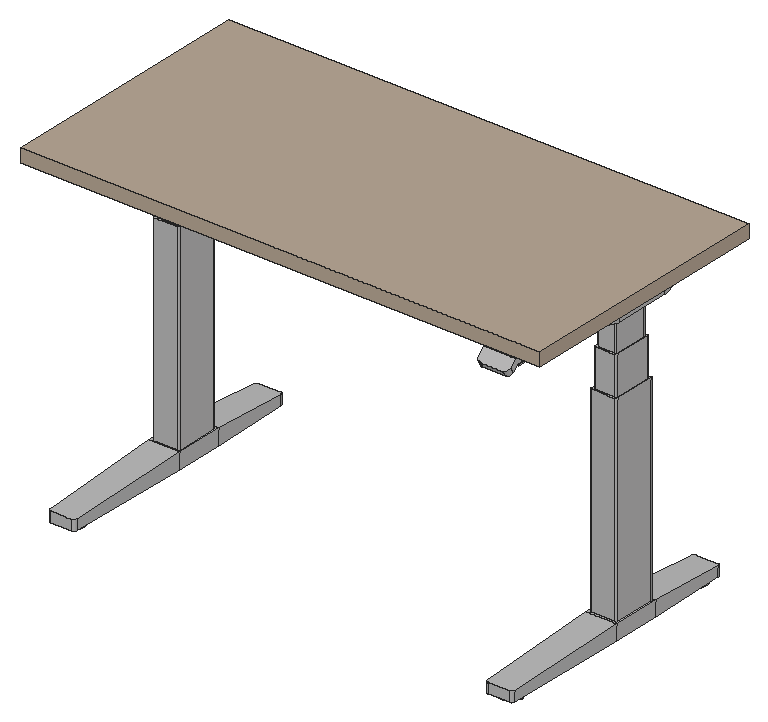
Revit family "Table-Teknion-JNHTRF-Navigate_Height_Adjustable_Rectangular-2018", category Furniture, Revit 2018 (continued)
Lines and regions (in)
  symbolic lines, style "FurnitureHiddenLines", detail levels fine
    curve 106: arc (-20.33924, 18.67173, 0) -> (-19.35524, 19.65573, 0) -> (-18.37124, 18.67173, 0) r 0.984
    curve 107: arc (18.37124, 18.67173, 0) -> (19.35524, 19.65573, 0) -> (20.33924, 18.67173, 0) r 0.984
    curve 108: arc (20.33924, 18.67173, 0) -> (19.35524, 17.68773, 0) -> (18.37124, 18.67173, 0) r 0.984
    curve 109: arc (-20.33924, -1.64984, 0) -> (-19.35524, -0.66584, 0) -> (-18.37124, -1.64984, 0) r 0.984
    curve 110: arc (-18.37124, -1.64984, 0) -> (-19.35524, -2.63384, 0) -> (-20.33924, -1.64984, 0) r 0.984
    curve 111: arc (18.37124, -1.64984, 0) -> (19.35524, -0.66584, 0) -> (20.33924, -1.64984, 0) r 0.984
    curve 112: arc (20.33924, -1.64984, 0) -> (19.35524, -2.63384, 0) -> (18.37124, -1.64984, 0) r 0.984
  reference lines, not visible
    curve 93: line (-23, 20.011, 0) -> (-23, -2.989, 0)
    curve 94: line (-23, 20.011, 0) -> (23, 20.011, 0)
    curve 95: line (23, 20.011, 0) -> (23, -2.989, 0)
    curve 96: line (-23, -2.989, 0) -> (23, -2.989, 0)
  symbolic lines, style "FurnitureHiddenLines", visible <- "Left e-Chain Vertical Cable Manager Visibility", detail levels medium+fine
    curve 113: line (-20.57874, 12.53893, 0) -> (-20.57874, 11.20429, 0)
    curve 114: line (-20.10039, 12.53893, 0) -> (-20.57874, 12.53893, 0)
    curve 115: line (-20.10039, 12.49051, 0) -> (-20.10039, 20.02319, 0)
    curve 116: line (-18.60039, 20.02319, 0) -> (-20.10039, 20.02319, 0)
    curve 117: line (-18.60039, 12.49051, 0) -> (-18.60039, 20.02319, 0)
    curve 118: line (-20.10039, 13.32752, 0) -> (-18.60039, 13.32752, 0)
    curve 119: line (-18.12205, 12.53893, 0) -> (-18.60039, 12.53893, 0)
    curve 120: line (-18.12205, 11.20429, 0) -> (-18.12205, 12.53893, 0)
  symbolic lines, style "FurnitureHiddenLines", visible <- "Right e-Chain Vertical Cable Manager Visibility", detail levels medium+fine
    curve 121: line (18.12205, 12.53893, 0) -> (18.12205, 11.20429, 0)
    curve 122: line (18.60039, 12.53893, 0) -> (18.12205, 12.53893, 0)
    curve 123: line (20.57874, 12.53893, 0) -> (20.10039, 12.53893, 0)
    curve 124: line (20.57874, 11.20429, 0) -> (20.57874, 12.53893, 0)
    curve 125: line (20.10039, 20.02319, 0) -> (20.10039, 12.49051, 0)
    curve 126: line (18.60039, 20.02319, 0) -> (18.60039, 12.49051, 0)
    curve 127: line (18.60039, 13.32752, 0) -> (20.10039, 13.32752, 0)
    curve 128: line (20.10039, 20.02319, 0) -> (18.60039, 20.02319, 0)
  symbolic lines, style "FurnitureHiddenLines", visible <- "Right e-Chain Vertical Cable Manager Visibility", detail levels fine
    curve 129: line (20.5315, 11.20429, 0) -> (20.57874, 11.20429, 0)
    curve 130: line (18.12205, 11.20429, 0) -> (18.16929, 11.20429, 0)
    curve 131: line (18.64764, 12.49051, 0) -> (18.64764, 13.28027, 0)
    curve 132: line (18.64764, 13.28027, 0) -> (20.05315, 13.28027, 0)
    curve 133: line (20.05315, 13.28027, 0) -> (20.05315, 12.49169, 0)
    curve 134: line (20.10039, 19.75153, 0) -> (18.60039, 19.75153, 0)
    curve 135: line (18.60039, 13.47866, 0) -> (20.10039, 13.47866, 0)
  symbolic lines, style "FurnitureHiddenLines", visible <- "Left e-Chain Vertical Cable Manager Visibility", detail levels fine
    curve 136: line (-20.57874, 11.20429, 0) -> (-20.5315, 11.20429, 0)
    curve 137: line (-18.16929, 11.20429, 0) -> (-18.12205, 11.20429, 0)
    curve 138: line (-20.05315, 12.49169, 0) -> (-20.05315, 13.28027, 0)
    curve 139: line (-20.05315, 13.28027, 0) -> (-18.64764, 13.28027, 0)
    curve 140: line (-18.64764, 13.28027, 0) -> (-18.64764, 12.49051, 0)
    curve 141: line (-20.10039, 13.47866, 0) -> (-18.60039, 13.47866, 0)
    curve 142: line (-18.60039, 19.75153, 0) -> (-20.10039, 19.75153, 0)
  symbolic lines, visible <- "Actual Left Square"
    curve 159: line (-7.05276, 16.17242, 0) -> (-7.05276, 17.34565, 0)
    curve 160: arc (-7.05276, 17.34565, 0) -> (-7.15838, 17.60065, 0) -> (-7.41339, 17.70628, 0) r 0.36063
    curve 161: line (-7.41339, 17.70628, 0) -> (-8.58661, 17.70628, 0)
    curve 162: arc (-8.58661, 17.70628, 0) -> (-8.84162, 17.60065, 0) -> (-8.94724, 17.34565, 0) r 0.36063
    curve 163: line (-8.94724, 17.34565, 0) -> (-8.94724, 16.17242, 0)
    curve 164: arc (-8.94724, 16.17242, 0) -> (-8.84162, 15.91741, 0) -> (-8.58661, 15.81179, 0) r 0.36063
    curve 165: line (-8.58661, 15.81179, 0) -> (-7.41339, 15.81179, 0)
    curve 166: arc (-7.41339, 15.81179, 0) -> (-7.15838, 15.91741, 0) -> (-7.05276, 16.17242, 0) r 0.36063
    curve 167: line (-7.12376, 17.34565, 0) -> (-7.12376, 16.17242, 0)
    curve 168: arc (-7.12376, 16.17242, 0) -> (-7.20859, 15.96762, 0) -> (-7.41339, 15.88279, 0) r 0.28963
    curve 169: line (-7.41339, 15.88279, 0) -> (-8.58661, 15.88279, 0)
    curve 170: arc (-8.58661, 15.88279, 0) -> (-8.79141, 15.96762, 0) -> (-8.87624, 16.17242, 0) r 0.28963
    curve 171: line (-8.87624, 16.17242, 0) -> (-8.87624, 17.34565, 0)
    curve 172: arc (-8.87624, 17.34565, 0) -> (-8.79141, 17.55044, 0) -> (-8.58661, 17.63528, 0) r 0.28963
    curve 173: line (-8.58661, 17.63528, 0) -> (-7.41339, 17.63528, 0)
    curve 174: arc (-7.41339, 17.63528, 0) -> (-7.20859, 17.55044, 0) -> (-7.12376, 17.34565, 0) r 0.28963
  symbolic lines, visible <- "Actual Center Square"
    curve 175: line (-0.94724, 17.34565, 0) -> (-0.94724, 16.17242, 0)
    curve 176: arc (-0.94724, 16.17242, 0) -> (-0.84162, 15.91741, 0) -> (-0.58661, 15.81179, 0) r 0.36063
    curve 177: line (-0.58661, 15.81179, 0) -> (0.58661, 15.81179, 0)
    curve 178: arc (0.58661, 15.81179, 0) -> (0.84162, 15.91741, 0) -> (0.94724, 16.17242, 0) r 0.36063
    curve 179: line (0.94724, 16.17242, 0) -> (0.94724, 17.34565, 0)
    curve 180: arc (0.94724, 17.34565, 0) -> (0.84162, 17.60065, 0) -> (0.58661, 17.70628, 0) r 0.36063
    curve 181: line (0.58661, 17.70628, 0) -> (-0.58661, 17.70628, 0)
    curve 182: arc (-0.58661, 17.70628, 0) -> (-0.84162, 17.60065, 0) -> (-0.94724, 17.34565, 0) r 0.36063
    curve 183: line (-0.87624, 16.17242, 0) -> (-0.87624, 17.34565, 0)
    curve 184: arc (-0.87624, 17.34565, 0) -> (-0.79141, 17.55044, 0) -> (-0.58661, 17.63528, 0) r 0.28963
    curve 185: line (-0.58661, 17.63528, 0) -> (0.58661, 17.63528, 0)
    curve 186: arc (0.58661, 17.63528, 0) -> (0.79141, 17.55044, 0) -> (0.87624, 17.34565, 0) r 0.28963
    curve 187: line (0.87624, 17.34565, 0) -> (0.87624, 16.17242, 0)
    curve 188: arc (0.87624, 16.17242, 0) -> (0.79141, 15.96762, 0) -> (0.58661, 15.88279, 0) r 0.28963
    curve 189: line (0.58661, 15.88279, 0) -> (-0.58661, 15.88279, 0)
    curve 190: arc (-0.58661, 15.88279, 0) -> (-0.79141, 15.96762, 0) -> (-0.87624, 16.17242, 0) r 0.28963
  symbolic lines, visible <- "Actual Right Square"
    curve 191: line (7.05276, 17.34565, 0) -> (7.05276, 16.17242, 0)
    curve 192: arc (7.05276, 16.17242, 0) -> (7.15838, 15.91741, 0) -> (7.41339, 15.81179, 0) r 0.36063
    curve 193: line (7.41339, 15.81179, 0) -> (8.58661, 15.81179, 0)
    curve 194: arc (8.58661, 15.81179, 0) -> (8.84162, 15.91741, 0) -> (8.94724, 16.17242, 0) r 0.36063
    curve 195: line (8.94724, 16.17242, 0) -> (8.94724, 17.34565, 0)
    curve 196: arc (8.94724, 17.34565, 0) -> (8.84162, 17.60065, 0) -> (8.58661, 17.70628, 0) r 0.36063
    curve 197: line (8.58661, 17.70628, 0) -> (7.41339, 17.70628, 0)
    curve 198: arc (7.41339, 17.70628, 0) -> (7.15838, 17.60065, 0) -> (7.05276, 17.34565, 0) r 0.36063
    curve 199: line (7.12376, 16.17242, 0) -> (7.12376, 17.34565, 0)
    curve 200: arc (7.12376, 17.34565, 0) -> (7.20859, 17.55044, 0) -> (7.41339, 17.63528, 0) r 0.28963
    curve 201: line (7.41339, 17.63528, 0) -> (8.58661, 17.63528, 0)
    curve 202: arc (8.58661, 17.63528, 0) -> (8.79141, 17.55044, 0) -> (8.87624, 17.34565, 0) r 0.28963
    curve 203: line (8.87624, 17.34565, 0) -> (8.87624, 16.17242, 0)
    curve 204: arc (8.87624, 16.17242, 0) -> (8.79141, 15.96762, 0) -> (8.58661, 15.88279, 0) r 0.28963
    curve 205: line (8.58661, 15.88279, 0) -> (7.41339, 15.88279, 0)
    curve 206: arc (7.41339, 15.88279, 0) -> (7.20859, 15.96762, 0) -> (7.12376, 16.17242, 0) r 0.28963
  symbolic lines, visible <- "Actual Left Diamond"
    curve 207: line (-6.79194, 17.78524, 0) -> (-8.6422, 17.25888, 0)
    curve 208: arc (-8.6422, 17.25888, 0) -> (-9.01969, 16.75903, 0) -> (-8.6422, 16.25918, 0) r 0.51969
    curve 209: line (-8.6422, 16.25918, 0) -> (-6.79194, 15.73282, 0)
    curve 210: arc (-6.79194, 15.73282, 0) -> (-6.5, 15.6921, 0) -> (-6.20806, 15.73282, 0) r 1.06693
    curve 211: line (-6.20806, 15.73282, 0) -> (-4.3578, 16.25918, 0)
    curve 212: arc (-4.3578, 16.25918, 0) -> (-3.98031, 16.75903, 0) -> (-4.3578, 17.25888, 0) r 0.51969
    curve 213: line (-4.3578, 17.25888, 0) -> (-6.20806, 17.78524, 0)
    curve 214: arc (-6.20806, 17.78524, 0) -> (-6.5, 17.82596, 0) -> (-6.79194, 17.78524, 0) r 1.06693
  symbolic lines, visible <- "Actual Center Dimond"
    curve 215: arc (-2.1422, 17.25888, 0) -> (-2.51969, 16.75903, 0) -> (-2.1422, 16.25918, 0) r 0.51969
    curve 216: line (-2.1422, 16.25918, 0) -> (-0.29194, 15.73282, 0)
    curve 217: arc (-0.29194, 15.73282, 0) -> (0, 15.6921, 0) -> (0.29194, 15.73282, 0) r 1.06693
    curve 218: line (0.29194, 15.73282, 0) -> (2.1422, 16.25918, 0)
    curve 219: arc (2.1422, 16.25918, 0) -> (2.51969, 16.75903, 0) -> (2.1422, 17.25888, 0) r 0.51969
    curve 220: line (2.1422, 17.25888, 0) -> (0.29194, 17.78524, 0)
    curve 221: arc (0.29194, 17.78524, 0) -> (0, 17.82596, 0) -> (-0.29194, 17.78524, 0) r 1.06693
    curve 222: line (-0.29194, 17.78524, 0) -> (-2.1422, 17.25888, 0)
  symbolic lines, visible <- "Actual Right Diamond"
    curve 223: arc (4.3578, 17.25888, 0) -> (3.98031, 16.75903, 0) -> (4.3578, 16.25918, 0) r 0.51969
    curve 224: line (4.3578, 16.25918, 0) -> (6.20806, 15.73282, 0)
    curve 225: arc (6.20806, 15.73282, 0) -> (6.5, 15.6921, 0) -> (6.79194, 15.73282, 0) r 1.06693
    curve 226: line (6.79194, 15.73282, 0) -> (8.6422, 16.25918, 0)
    curve 227: arc (8.6422, 16.25918, 0) -> (9.01969, 16.75903, 0) -> (8.6422, 17.25888, 0) r 0.51969
    curve 228: line (8.6422, 17.25888, 0) -> (6.79194, 17.78524, 0)
    curve 229: arc (6.79194, 17.78524, 0) -> (6.5, 17.82596, 0) -> (6.20806, 17.78524, 0) r 1.06693
    curve 230: line (6.20806, 17.78524, 0) -> (4.3578, 17.25888, 0)
  symbolic lines, style "FurnitureHiddenLines", visible <- "External Powerbar", detail levels medium+fine
    curve 234: line (-5.9866, 12.8157, 0) -> (-5.9866, 14.07756, 0)
    curve 235: line (5.98584, 14.07756, 0) -> (-5.9866, 14.07756, 0)
    curve 236: line (5.98584, 12.8157, 0) -> (5.98584, 14.07756, 0)
    curve 237: line (-5.9866, 14.0185, 0) -> (5.98584, 14.0185, 0)
    curve 238: line (-4.87046, 12.87677, 0) -> (-4.87046, 14.0185, 0)
    curve 239: line (4.86969, 12.87677, 0) -> (4.86969, 14.0185, 0)
    curve 240: line (4.86969, 12.87677, 0) -> (-4.87046, 12.87677, 0)
    curve 241: line (-1.23208, 14.07756, 0) -> (-1.23208, 14.20748, 0)
    curve 242: line (-1.23208, 14.20748, 0) -> (-0.18208, 14.20748, 0)
    curve 243: line (-0.18208, 14.20748, 0) -> (-0.18208, 14.07756, 0)
    curve 244: line (0.02777, 14.07756, 0) -> (0.02777, 14.20748, 0)
    curve 245: line (0.02777, 14.20748, 0) -> (1.07777, 14.20748, 0)
    curve 246: line (1.07777, 14.20748, 0) -> (1.07777, 14.07756, 0)
    curve 247: line (1.28761, 14.07756, 0) -> (1.28761, 14.20748, 0)
    curve 248: line (1.28761, 14.20748, 0) -> (2.33761, 14.20748, 0)
    curve 249: line (2.33761, 14.20748, 0) -> (2.33761, 14.07756, 0)
    curve 250: line (2.54745, 14.07756, 0) -> (2.54745, 14.20748, 0)
    curve 251: line (2.54745, 14.20748, 0) -> (3.59745, 14.20748, 0)
    curve 252: line (3.59745, 14.20748, 0) -> (3.59745, 14.07756, 0)
  symbolic lines, style "FurnitureHiddenLines", visible <- "F Int Pwr", detail levels medium+fine
    curve 253: line (-0.244, 12.7111, 0) -> (-0.244, 9.75834, 0)
    curve 254: line (-0.244, 9.75834, 0) -> (9.128, 9.75834, 0)
    curve 255: line (9.128, 9.75834, 0) -> (9.128, 12.7111, 0)
    curve 256: line (9.128, 12.7111, 0) -> (-0.244, 12.7111, 0)
  symbolic lines, style "FurnitureHiddenLines", visible <- "F Int Pwr", detail levels fine
    curve 257: line (8.20457, 12.90008, 0) -> (7.45457, 12.90008, 0)
    curve 258: line (7.45457, 12.90008, 0) -> (7.45457, 12.7111, 0)
    curve 259: line (7.45457, 12.7111, 0) -> (8.20457, 12.7111, 0)
    curve 260: line (8.20457, 12.7111, 0) -> (8.20457, 12.90008, 0)
    curve 261: line (6.38607, 12.90008, 0) -> (5.33607, 12.90008, 0)
    curve 262: line (5.33607, 12.90008, 0) -> (5.33607, 12.7111, 0)
    curve 263: line (5.33607, 12.7111, 0) -> (6.38607, 12.7111, 0)
    curve 264: line (6.38607, 12.7111, 0) -> (6.38607, 12.90008, 0)
    curve 265: line (4.81127, 12.90008, 0) -> (3.76127, 12.90008, 0)
    curve 266: line (3.76127, 12.90008, 0) -> (3.76127, 12.7111, 0)
    curve 267: line (3.76127, 12.7111, 0) -> (4.81127, 12.7111, 0)
    curve 268: line (4.81127, 12.7111, 0) -> (4.81127, 12.90008, 0)
    curve 269: line (3.23646, 12.90008, 0) -> (2.18646, 12.90008, 0)
    curve 270: line (2.18646, 12.90008, 0) -> (2.18646, 12.7111, 0)
    curve 271: line (2.18646, 12.7111, 0) -> (3.23646, 12.7111, 0)
    curve 272: line (3.23646, 12.7111, 0) -> (3.23646, 12.90008, 0)
  symbolic lines, style "FurnitureHiddenLines", visible <- "Frame Integrated Powerbar with IEC Outlet", detail levels fine
    curve 273: line (0.27564, 12.90008, 0) -> (1.66146, 12.90008, 0)
    curve 274: line (0.27564, 12.7111, 0) -> (0.27564, 12.90008, 0)
    curve 275: line (1.66146, 12.7111, 0) -> (0.27564, 12.7111, 0)
    curve 276: line (1.66146, 12.90008, 0) -> (1.66146, 12.7111, 0)
  symbolic lines, style "FurnitureHiddenLines", visible <- "Frame Integrated Powerbar", detail levels fine
    curve 277: line (0.61166, 12.90008, 0) -> (1.66166, 12.90008, 0)
    curve 278: line (0.61166, 12.7111, 0) -> (0.61166, 12.90008, 0)
    curve 279: line (1.66166, 12.7111, 0) -> (0.61166, 12.7111, 0)
    curve 280: line (1.66166, 12.90008, 0) -> (1.66166, 12.7111, 0)
Dimensions and locks (in)
  "Actual Width": plane 4 "Left" to plane 5 "Right"
  "Depth": plane 6 "Back" to plane 7 "Front"
  "Actual Height": plane 8 "Top" to level
  equal spacing: plane 4 "Left", plane 3 "Center Left/Right", plane 5 "Right"
  "Left Leg Offset": plane 4 "Left" to plane 9 "Left Edge of Modesty Panel"
  "Right Leg Offset": plane 10 "Right Edge of Modesty Panel" to plane 5 "Right"
  plane 8 "Top" to plane 11 "Bottom of Worksurface" to plane 17 = 1.18898" locked, 1.81102" locked
  plane 15 to plane 14 to plane 13 to plane 12 to level = 17.65551" locked, 1.37795" locked, 0.04724" locked, 0.22835" locked
  plane 6 "Back" to Sweep 3 sketch curve to Sweep 3 sketch curve = 1.33927" locked, 0.000" locked
  plane 9 "Left Edge of Modesty Panel" to Sweep 3 sketch curve to Sweep 3 sketch curve = 1.40276" locked, 0.000" locked
  Sweep 3 sketch curve to Sweep 3 sketch curve to plane 10 "Right Edge of Modesty Panel" = 0.000" locked, 1.40276" locked
  plane 9 "Left Edge of Modesty Panel" to Sweep 6 sketch curve to Sweep 6 sketch curve = 0.2265" locked, 2.3622" locked
  Sweep 6 sketch curve to plane 1 "Center Front/Back" to Sweep 6 sketch curve = 1.4575" locked, 2.47951" locked  (x2)
  Sweep 6 sketch curve to Sweep 6 sketch curve to plane 10 "Right Edge of Modesty Panel" = 2.3622" locked, 0.2265" locked
  Sweep 7 sketch curve to plane 1 "Center Front/Back" to Sweep 7 sketch curve = 1.26648" locked, 2.28872" locked
  Sweep 7 sketch curve to plane 1 "Center Front/Back" to Sweep 7 sketch curve = 2.28872" locked, 1.26648" locked
  plane 9 "Left Edge of Modesty Panel" to Sweep 7 sketch curve to Sweep 7 sketch curve = 0.42244" locked, 1.96063" locked
  Sweep 7 sketch curve to Sweep 7 sketch curve to plane 10 "Right Edge of Modesty Panel" = 1.96063" locked, 0.42244" locked
  Sweep 8 sketch curve to plane 1 "Center Front/Back" to Sweep 8 sketch curve = 1.09285" locked, 2.1151" locked  (x2)
  Sweep 8 sketch curve to Sweep 8 sketch curve to plane 10 "Right Edge of Modesty Panel" = 1.63238" locked, 0.58657" locked
  plane 9 "Left Edge of Modesty Panel" to Sweep 8 sketch curve to Sweep 8 sketch curve = 0.58657" locked, 1.63238" locked
  Sweep 9 sketch curve to plane 1 "Center Front/Back" to Sweep 9 sketch curve = 1.65423" locked, 2.67648" locked
  locked: Sweep 10 sketch curve to plane 17 at 0.1046
  Sweep 10 sketch curve to Sweep 10 sketch curve to plane 1 "Center Front/Back" to Sweep 10 sketch curve to Sweep 10 sketch curve = 0.1046" locked, 2.7001" locked, 1.67785" locked, 0.1046" locked
  Sweep 11 sketch curve to plane 9 "Left Edge of Modesty Panel" to Sweep 11 sketch curve = 1.500" locked, 4.500" locked
  locked: plane 1 "Center Front/Back" to Sweep 11 sketch curve at 8.05383
  Sweep 11 sketch curve to plane 1 "Center Front/Back" to Sweep 11 sketch curve = 3.10304" locked, 2.08017" locked
  plane 11 "Bottom of Worksurface" to Sweep 11 sketch curve to Sweep 11 sketch curve to Sweep 11 sketch curve = 0.5676" locked, 0.00012" locked, 1.36141" locked
  Sweep 12 sketch curve to Sweep 12 sketch curve to plane 9 "Left Edge of Modesty Panel" to Sweep 12 sketch curve to Sweep 12 sketch curve to Sweep 12 sketch curve to Sweep 12 sketch curve to Sweep 12 sketch curve to Sweep 12 sketch curve to Sweep 12 sketch curve to Sweep 12 sketch curve to Sweep 12 sketch curve to Sweep 12 sketch curve to Sweep 12 sketch curve to Sweep 12 sketch curve = 1.55683" locked, 0.44317" locked, 0.02927" locked, 0.07582" locked, 0.000" locked, 0.47013" locked, 0.000" locked, 1.50653" locked, 0.000" locked, 0.47013" locked, 0.000" locked, 0.54826" locked, 0.000" locked, 1.89986" locked
  Sweep 12 sketch curve to Sweep 12 sketch curve to Sweep 12 sketch curve to Sweep 12 sketch curve to Sweep 12 sketch curve to Sweep 12 sketch curve to Sweep 12 sketch curve to plane 1 "Center Front/Back" to Sweep 12 sketch curve to Sweep 12 sketch curve to Sweep 12 sketch curve to Sweep 12 sketch curve to Sweep 12 sketch curve to Sweep 12 sketch curve to Sweep 12 sketch curve = 0.500" locked, 0.42574" locked, 0.000" locked, 5.51914" locked, 0.000" locked, 0.20668" locked, 1.80157" locked, 2.82445" locked, 0.20668" locked, 0.000" locked, 5.51914" locked, 0.000" locked, 0.42574" locked, 0.500" locked  (x2)
  Sweep 13 sketch curve to plane 10 "Right Edge of Modesty Panel" to Sweep 13 sketch curve = 1.500" locked, 4.500" locked
  Sweep 13 sketch curve to Sweep 13 sketch curve to plane 1 "Center Front/Back" to Sweep 13 sketch curve to Sweep 13 sketch curve = 5.97313" locked, 3.10304" locked, 2.08017" locked, 5.97366" locked
  Sweep 13 sketch curve to Sweep 13 sketch curve to plane 17 to Sweep 13 sketch curve = 0.00012" locked, 1.2433" locked, 0.11811" locked
  Sweep 12 sketch curve to Sweep 12 sketch curve to plane 10 "Right Edge of Modesty Panel" to Sweep 12 sketch curve to Sweep 12 sketch curve to Sweep 12 sketch curve to Sweep 12 sketch curve to Sweep 12 sketch curve to Sweep 12 sketch curve to Sweep 12 sketch curve to Sweep 12 sketch curve to Sweep 12 sketch curve to Sweep 12 sketch curve to Sweep 12 sketch curve to Sweep 12 sketch curve = 1.55683" locked, 0.44317" locked, 0.02927" locked, 0.07582" locked, 0.000" locked, 0.47013" locked, 0.000" locked, 1.50653" locked, 0.000" locked, 0.47013" locked, 0.000" locked, 0.54826" locked, 0.000" locked, 1.89986" locked
  equal spacing: plane 17, plane 16, plane 15
  plane 7 "Front" to Sweep 3 sketch curve to Sweep 3 sketch curve = 1.33916" locked, 0.000" locked
  plane 6 "Back" to Sweep 4 sketch curve to Sweep 4 sketch curve to Sweep 4 sketch curve = 0.000" locked, 0.27069" locked, 0.000" locked
  plane 7 "Front" to Sweep 4 sketch curve to Sweep 4 sketch curve to Sweep 4 sketch curve = 0.000" locked, 0.27069" locked, 0.000" locked
  Sweep 4 sketch curve to plane 6 "Back" to Sweep 4 sketch curve to Sweep 4 sketch curve = 0.000" locked, 0.27069" locked, 0.000" locked
  Sweep 4 sketch curve to plane 7 "Front" to Sweep 4 sketch curve to Sweep 4 sketch curve = 0.000" locked, 0.27069" locked, 0.000" locked
  plane 9 "Left Edge of Modesty Panel" to Sweep 4 sketch curve to Sweep 4 sketch curve to Sweep 4 sketch curve to Sweep 4 sketch curve to Sweep 4 sketch curve to Sweep 4 sketch curve to Sweep 4 sketch curve to Sweep 4 sketch curve to Sweep 4 sketch curve to Sweep 4 sketch curve = 0.0332" locked, 0.18906" locked, 0.000" locked, 0.27497" locked, 0.000" locked, 1.82076" locked, 0.000" locked, 0.27497" locked, 0.000" locked, 0.18906" locked
  Sweep 4 sketch curve to Sweep 4 sketch curve to Sweep 4 sketch curve to Sweep 4 sketch curve to Sweep 4 sketch curve to Sweep 4 sketch curve to Sweep 4 sketch curve to Sweep 4 sketch curve to Sweep 4 sketch curve to Sweep 4 sketch curve to plane 10 "Right Edge of Modesty Panel" = 0.18906" locked, 0.000" locked, 0.27497" locked, 0.000" locked, 1.82076" locked, 0.000" locked, 0.27497" locked, 0.000" locked, 0.18906" locked, 0.0332" locked
  "Frame Offset": plane 6 "Back" to plane 1 "Center Front/Back"
  Sweep 4 sketch curve to Sweep 4 sketch curve to plane 1 "Center Front/Back" to Sweep 4 sketch curve to Sweep 4 sketch curve = 0.000" locked, 2.66536" locked, 1.66535" locked, 0.000" locked
  Sweep 4 sketch curve to Sweep 4 sketch curve to plane 1 "Center Front/Back" to Sweep 4 sketch curve to Sweep 4 sketch curve = 0.000" locked, 1.66535" locked, 2.66536" locked, 0.000" locked
  locked: Sweep 5 sketch curve to level at 3
  locked: Sweep 5 sketch curve to level at 1.14686
  locked: Sweep 5 sketch curve to level at 1.14892
  Sweep 5 sketch curve to plane 1 "Center Front/Back" to Sweep 5 sketch curve = 2.66535" locked, 1.66535" locked
  Sweep 9 sketch curve to Sweep 9 sketch curve to plane 9 "Left Edge of Modesty Panel" = 0.66305" locked, 6.60661" locked
  plane 10 "Right Edge of Modesty Panel" to Sweep 9 sketch curve to Sweep 9 sketch curve = 6.60661" locked, 0.66305" locked
  plane 11 "Bottom of Worksurface" to Sweep 9 sketch curve to Sweep 9 sketch curve = 1.14798" locked, 0.000" locked
  locked: plane 15 to Sweep 7 sketch curve at 0.99951
  locked: plane 16 to Sweep 8 sketch curve at 1.00142
  locked: plane 8 "Top" to Sweep 12 sketch curve at 6
  locked: Sweep 14 sketch curve to level at 17.87402
  plane 9 "Left Edge of Modesty Panel" to Sweep 14 sketch curve to Sweep 14 sketch curve to Sweep 14 sketch curve to Sweep 14 sketch curve to Sweep 14 sketch curve to Sweep 14 sketch curve to Sweep 14 sketch curve to Sweep 14 sketch curve = 0.17926" locked, 0.04724" locked, 0.4311" locked, 0.04724" locked, 1.40551" locked, 0.04724" locked, 0.4311" locked, 0.04724" locked
  plane 1 "Center Front/Back" to Sweep 14 sketch curve to Sweep 14 sketch curve to Sweep 14 sketch curve to Sweep 14 sketch curve to Sweep 14 sketch curve to Sweep 14 sketch curve to Sweep 14 sketch curve to Sweep 14 sketch curve = 1.19329" locked, 0.000" locked, 1.28622" locked, 0.00118" locked, 0.04724" locked, 0.000" locked, 0.74134" locked, 0.04724" locked
  plane 9 "Left Edge of Modesty Panel" to Sweep 15 sketch curve to Sweep 15 sketch curve = 0.65761" locked, 1.500" locked
  equal spacing: plane 16, plane 18, level
  Sweep 15 sketch curve to Sweep 15 sketch curve to Sweep 15 sketch curve to Sweep 15 sketch curve to Sweep 15 sketch curve to Sweep 15 sketch curve to Sweep 15 sketch curve to Sweep 15 sketch curve to plane 1 "Center Front/Back" = 0.27165" locked, 0.76453" locked, 4.74335" locked, 0.45866" locked, 0.30634" locked, 0.15114" locked, 0.83701" locked, 2.47951" locked
  plane 11 "Bottom of Worksurface" to Sweep 15 sketch curve to Sweep 15 sketch curve = 0.3937" locked, 0.35433" locked
  Sweep 15 sketch curve to Sweep 15 sketch curve to Sweep 15 sketch curve to Sweep 15 sketch curve to level = 0.19685" locked, 0.26181" locked, 0.37992" locked, 17.23228" locked
  plane 18 to Sweep 15 sketch curve to Sweep 15 sketch curve to Sweep 15 sketch curve to Sweep 15 sketch curve = 0.80725" locked, 0.000" locked, 0.000" locked, 0.05455" locked
  Sweep 16 sketch curve to Sweep 16 sketch curve to Sweep 16 sketch curve to Sweep 16 sketch curve to Sweep 16 sketch curve to Sweep 16 sketch curve to Sweep 16 sketch curve to Sweep 16 sketch curve to plane 10 "Right Edge of Modesty Panel" = 0.04724" locked, 0.4311" locked, 0.04724" locked, 1.40551" locked, 0.04724" locked, 0.4311" locked, 0.04724" locked, 0.17926" locked
  plane 1 "Center Front/Back" to Sweep 16 sketch curve to Sweep 16 sketch curve to Sweep 16 sketch curve to Sweep 16 sketch curve to Sweep 16 sketch curve to Sweep 16 sketch curve to Sweep 16 sketch curve to Sweep 16 sketch curve = 1.19329" locked, 0.000" locked, 1.28622" locked, 0.00118" locked, 0.04724" locked, 0.000" locked, 0.74134" locked, 0.04724" locked
  plane 10 "Right Edge of Modesty Panel" to Sweep 17 sketch curve to Sweep 17 sketch curve = 0.65761" locked, 1.500" locked
  Sweep 17 sketch curve to Sweep 17 sketch curve to Sweep 17 sketch curve to Sweep 17 sketch curve to Sweep 17 sketch curve to Sweep 17 sketch curve to Sweep 17 sketch curve to Sweep 17 sketch curve to plane 1 "Center Front/Back" = 0.27165" locked, 0.76453" locked, 4.74335" locked, 0.45866" locked, 0.30634" locked, 0.15114" locked, 0.83701" locked, 2.47951" locked
  Sweep 17 sketch curve to Sweep 17 sketch curve to Sweep 17 sketch curve to Sweep 17 sketch curve to level = 0.19685" locked, 0.26181" locked, 0.37992" locked, 17.23228" locked
  plane 11 "Bottom of Worksurface" to Sweep 17 sketch curve to Sweep 17 sketch curve = 0.3937" locked, 0.35433" locked
  plane 18 to Sweep 17 sketch curve to Sweep 17 sketch curve to Sweep 17 sketch curve to Sweep 17 sketch curve = 0.80725" locked, 0.000" locked, 0.000" locked, 0.05455" locked
  Sweep 18 sketch curve to Sweep 18 sketch curve to Sweep 18 sketch curve to plane 1 "Center Front/Back" = 0.27559" locked, 0.35315" locked, 2.37045" locked
  plane 14 to Sweep 18 sketch curve to Sweep 18 sketch curve = 0.72441" locked, 0.27559" locked
  Sweep 19 sketch curve to plane 3 "Center Left/Right" to Sweep 19 sketch curve = 5.9866" locked, 5.98584" locked
  Sweep 19 sketch curve to Sweep 19 sketch curve to Sweep 19 sketch curve to plane 1 "Center Front/Back" = 0.05906" locked, 1.2028" locked, 2.8047" locked
  plane 11 "Bottom of Worksurface" to Sweep 19 sketch curve to Sweep 19 sketch curve to Sweep 19 sketch curve = 0.000" locked, 0.05906" locked, 1.56693" locked
  Sweep 20 sketch curve to plane 3 "Center Left/Right" to Sweep 20 sketch curve = 4.87046" locked, 4.86969" locked
  Sweep 20 sketch curve to Sweep 20 sketch curve to Sweep 20 sketch curve to Sweep 20 sketch curve to Sweep 20 sketch curve to Sweep 20 sketch curve to plane 1 "Center Front/Back" = 0.07874" locked, 0.000" locked, 0.98425" locked, 0.000" locked, 0.07874" locked, 2.86577" locked
  plane 8 "Top" to Sweep 20 sketch curve to Sweep 20 sketch curve to Sweep 20 sketch curve to Sweep 20 sketch curve to Sweep 20 sketch curve to Sweep 20 sketch curve = 1.33661" locked, 0.07874" locked, 0.000" locked, 1.3189" locked, 0.000" locked, 0.07874" locked
  Sweep 21 sketch curve to Sweep 21 sketch curve to plane 1 "Center Front/Back" = 0.12992" locked, 4.06656" locked
  Sweep 21 sketch curve to Sweep 21 sketch curve to Sweep 21 sketch curve to Sweep 21 sketch curve to Sweep 21 sketch curve to Sweep 21 sketch curve to plane 3 "Center Left/Right" to Sweep 21 sketch curve to Sweep 21 sketch curve = 1.050" locked, 0.20984" locked, 1.050" locked, 0.20984" locked, 1.050" locked, 0.02777" locked, 0.18208" locked, 1.050" locked
  plane 8 "Top" to Sweep 21 sketch curve to Sweep 21 sketch curve to Sweep 21 sketch curve to Sweep 21 sketch curve to Sweep 21 sketch curve to Sweep 21 sketch curve to Sweep 21 sketch curve to Sweep 21 sketch curve = 1.5498" locked, 0.000" locked, 0.000" locked, 0.000" locked, 1.050" locked, 0.000" locked, 0.000" locked, 0.000" locked
  "Integrated Power Offset": plane 19 to plane 10 "Right Edge of Modesty Panel"
  Sweep 22 sketch curve to Sweep 22 sketch curve to plane 19 = 9.372" locked, 0.000" locked
  plane 11 "Bottom of Worksurface" to Sweep 22 sketch curve to Sweep 22 sketch curve = 0.07087" locked, 1.49606" locked
  Sweep 22 sketch curve to plane 1 "Center Front/Back" to Sweep 22 sketch curve = 2.7001" locked, 0.25266" locked
  locked: plane 1 "Center Front/Back" to Sweep 23 sketch curve at 4.00001
  "Pwr Offset Cutout": Sweep 23 sketch curve to Sweep 23 sketch curve
  plane 11 "Bottom of Worksurface" to Sweep 23 sketch curve to Sweep 23 sketch curve to Sweep 23 sketch curve to Sweep 23 sketch curve to Sweep 23 sketch curve to Sweep 23 sketch curve to Sweep 23 sketch curve to Sweep 23 sketch curve to Sweep 23 sketch curve to Sweep 23 sketch curve = 0.25591" locked, 0.000" locked, 0.000" locked, 0.000" locked, 0.11811" locked, 0.86614" locked, 0.11811" locked, 0.000" locked, 0.000" locked, 0.000" locked
  plane 19 to Sweep 23 sketch curve to Sweep 23 sketch curve to Sweep 23 sketch curve to Sweep 23 sketch curve to Sweep 23 sketch curve to Sweep 23 sketch curve to Sweep 23 sketch curve to Sweep 23 sketch curve to Sweep 23 sketch curve to Sweep 23 sketch curve = 0.86535" locked, 0.86614" locked, 0.98425" locked, 1.10236" locked, 0.47244" locked, 1.10236" locked, 0.47244" locked, 1.10236" locked, 0.47244" locked, 1.43858" locked
  Sweep 24 sketch curve to Sweep 24 sketch curve to plane 1 "Center Front/Back" = 0.18898" locked, 2.7001" locked
  Sweep 24 sketch curve to Sweep 24 sketch curve to Sweep 24 sketch curve to Sweep 24 sketch curve to Sweep 24 sketch curve to Sweep 24 sketch curve to Sweep 24 sketch curve to Sweep 24 sketch curve to Sweep 24 sketch curve to Sweep 24 sketch curve to plane 19 = 1.050" locked, 0.5248" locked, 1.050" locked, 0.5248" locked, 1.050" locked, 0.5248" locked, 1.050" locked, 1.0685" locked, 0.750" locked, 0.92343" locked
  plane 11 "Bottom of Worksurface" to Sweep 24 sketch curve to Sweep 24 sketch curve to Sweep 24 sketch curve to Sweep 24 sketch curve to Sweep 24 sketch curve to Sweep 24 sketch curve to Sweep 24 sketch curve to Sweep 24 sketch curve to Sweep 24 sketch curve to Sweep 24 sketch curve = 0.28209" locked, 0.000" locked, 0.000" locked, 0.000" locked, 0.150" locked, 0.750" locked, 0.150" locked, 0.000" locked, 0.000" locked, 0.000" locked
  plane 1 "Center Front/Back" to Sweep 25 sketch curve to Sweep 25 sketch curve = 2.7001" locked, 0.18898" locked
  plane 19 to Sweep 25 sketch curve to Sweep 25 sketch curve to Sweep 25 sketch curve to Sweep 25 sketch curve to Sweep 25 sketch curve to Sweep 25 sketch curve to Sweep 25 sketch curve to Sweep 25 sketch curve to Sweep 25 sketch curve to Sweep 25 sketch curve to Sweep 25 sketch curve to Sweep 25 sketch curve to Sweep 25 sketch curve to Sweep 25 sketch curve to Sweep 25 sketch curve to Sweep 25 sketch curve to Sweep 25 sketch curve to Sweep 25 sketch curve = 0.92343" locked, 0.750" locked, 1.0685" locked, 1.050" locked, 0.5248" locked, 1.050" locked, 0.5248" locked, 1.050" locked, 0.525" locked, 0.12795" locked, 0.1122" locked, 0.14835" locked, 0.04839" locked, 0.51202" locked, 0.04839" locked, 0.14835" locked, 0.1122" locked, 0.12795" locked
  plane 11 "Bottom of Worksurface" to Sweep 25 sketch curve to Sweep 25 sketch curve to Sweep 25 sketch curve to Sweep 25 sketch curve to Sweep 25 sketch curve to Sweep 25 sketch curve to Sweep 25 sketch curve to Sweep 25 sketch curve to Sweep 25 sketch curve to Sweep 25 sketch curve to Sweep 25 sketch curve to Sweep 25 sketch curve to Sweep 25 sketch curve to Sweep 25 sketch curve to Sweep 25 sketch curve to Sweep 25 sketch curve to Sweep 25 sketch curve to Sweep 25 sketch curve = 0.26378" locked, 0.01831" locked, 0.000" locked, 0.000" locked, 0.10177" locked, 0.04823" locked, 0.06398" locked, 0.16429" locked, 0.000" locked, 0.04449" locked, 0.000" locked, 0.41327" locked, 0.06398" locked, 0.04823" locked, 0.10177" locked, 0.000" locked, 0.000" locked, 0.01831" locked
  plane 6 "Back" to curve 144 to curve 143 to curve 157 to curve 158 to curve 145 to curve 146 to curve 157 to curve 158 = 0.000" locked, 0.000" locked, 0.000" locked, 0.000" locked, 0.27069" locked, 0.000" locked, 0.000" locked, 0.000" locked
  plane 7 "Front" to curve 149 to curve 150 to curve 152 to curve 151 to curve 149 to curve 150 to curve 153 to curve 154 = 0.000" locked, 0.000" locked, 0.000" locked, 0.000" locked, 0.27069" locked, 0.000" locked, 0.000" locked, 0.000" locked
  curve 147 to curve 154 to curve 148 to curve 153 to plane 1 "Center Front/Back" to curve 146 to curve 155 to curve 145 to curve 156 = 0.000" locked, 0.000" locked, 0.000" locked, 1.66535" locked, 2.66536" locked, 0.000" locked, 0.000" locked, 0.000" locked
  plane 9 "Left Edge of Modesty Panel" to curve 145 to curve 147 to curve 146 to curve 148 = 0.0332" locked, 0.000" locked, 2.74882" locked, 0.000" locked
  curve 155 to curve 153 to curve 154 to curve 156 to plane 10 "Right Edge of Modesty Panel" = 0.000" locked, 2.74882" locked, 0.000" locked, 0.0332" locked
  plane 9 "Left Edge of Modesty Panel" to curve 145 to curve 144 to curve 143 to curve 146 = 0.22226" locked, 0.27497" locked, 1.82076" locked, 0.27497" locked
  plane 9 "Left Edge of Modesty Panel" to curve 149 to curve 149 to curve 150 to curve 150 = 0.22226" locked, 0.27497" locked, 1.82076" locked, 0.27497" locked
  curve 153 to curve 152 to curve 151 to curve 154 to plane 10 "Right Edge of Modesty Panel" = 0.27497" locked, 1.82076" locked, 0.27497" locked, 0.22226" locked
  curve 157 to curve 157 to curve 158 to curve 158 to plane 10 "Right Edge of Modesty Panel" = 0.27497" locked, 1.82076" locked, 0.27497" locked, 0.22226" locked
  "Sq Cutout Offset": plane 20 to plane 5 "Right"
  "Sq Cutout Offset": plane 4 "Left" to plane 21
  locked: plane 11 "Bottom of Worksurface" to Sweep 26 sketch curve at 1.25
  "SL Cut": Sweep 26 sketch curve to Sweep 26 sketch curve
  Sweep 26 sketch curve to plane 21 to Sweep 26 sketch curve to Sweep 26 sketch curve to Sweep 26 sketch curve to Sweep 26 sketch curve to Sweep 26 sketch curve = 0.00024" locked, 0.36039" locked, 0.000" locked, 1.17323" locked, 0.000" locked, 0.36063" locked
  plane 6 "Back" to Sweep 26 sketch curve to Sweep 26 sketch curve to Sweep 26 sketch curve to Sweep 26 sketch curve to Sweep 26 sketch curve to Sweep 26 sketch curve = 2.30472" locked, 0.36063" locked, 0.000" locked, 1.17323" locked, 0.000" locked, 0.36063" locked
  locked: plane 11 "Bottom of Worksurface" to Sweep 27 sketch curve at 1.25
  "SR Cut": Sweep 27 sketch curve to Sweep 27 sketch curve
  Sweep 27 sketch curve to Sweep 27 sketch curve to Sweep 27 sketch curve to Sweep 27 sketch curve to Sweep 27 sketch curve to plane 20 to Sweep 27 sketch curve = 0.36063" locked, 0.000" locked, 1.17323" locked, 0.000" locked, 0.36039" locked, 0.00024" locked
  plane 6 "Back" to Sweep 27 sketch curve to Sweep 27 sketch curve to Sweep 27 sketch curve to Sweep 27 sketch curve to Sweep 27 sketch curve to Sweep 27 sketch curve = 2.30472" locked, 0.36063" locked, 0.000" locked, 1.17323" locked, 0.000" locked, 0.36063" locked
  locked: plane 11 "Bottom of Worksurface" to Sweep 28 sketch curve at 1.25
  "SC Cut": Sweep 28 sketch curve to Sweep 28 sketch curve
  Sweep 28 sketch curve to Sweep 28 sketch curve to Sweep 28 sketch curve to plane 3 "Center Left/Right" to Sweep 28 sketch curve to Sweep 28 sketch curve to Sweep 28 sketch curve = 0.36063" locked, 0.000" locked, 0.58661" locked, 0.58661" locked, 0.000" locked, 0.36063" locked
  plane 6 "Back" to Sweep 28 sketch curve to Sweep 28 sketch curve to Sweep 28 sketch curve to Sweep 28 sketch curve to Sweep 28 sketch curve to Sweep 28 sketch curve = 2.30472" locked, 0.36063" locked, 0.000" locked, 1.17323" locked, 0.000" locked, 0.36063" locked
  locked: plane 8 "Top" to Sweep 29 sketch curve at 1.55512
  Sweep 29 sketch curve to plane 21 to Sweep 29 sketch curve to Sweep 29 sketch curve to Sweep 29 sketch curve to Sweep 29 sketch curve to Sweep 29 sketch curve to Sweep 29 sketch curve to Sweep 29 sketch curve to Sweep 29 sketch curve to Sweep 29 sketch curve to Sweep 29 sketch curve to Sweep 29 sketch curve = 0.00024" locked, 0.07076" locked, 0.28963" locked, 0.000" locked, 0.000" locked, 0.000" locked, 1.17323" locked, 0.000" locked, 0.000" locked, 0.000" locked, 0.28963" locked, 0.071" locked
  plane 6 "Back" to Sweep 29 sketch curve to Sweep 29 sketch curve to Sweep 29 sketch curve to Sweep 29 sketch curve to Sweep 29 sketch curve to Sweep 29 sketch curve to Sweep 29 sketch curve to Sweep 29 sketch curve to Sweep 29 sketch curve to Sweep 29 sketch curve to Sweep 29 sketch curve to Sweep 29 sketch curve = 2.30472" locked, 0.071" locked, 0.28963" locked, 0.000" locked, 0.000" locked, 0.000" locked, 1.17323" locked, 0.000" locked, 0.000" locked, 0.000" locked, 0.28963" locked, 0.071" locked
  plane 8 "Top" to Sweep 30 sketch curve to Sweep 30 sketch curve = 0.000" locked, 1.55512" locked
  Sweep 30 sketch curve to Sweep 30 sketch curve to Sweep 30 sketch curve to Sweep 30 sketch curve to Sweep 30 sketch curve to Sweep 30 sketch curve to plane 3 "Center Left/Right" to Sweep 30 sketch curve to Sweep 30 sketch curve to Sweep 30 sketch curve to Sweep 30 sketch curve to Sweep 30 sketch curve = 0.071" locked, 0.28963" locked, 0.000" locked, 0.000" locked, 0.000" locked, 0.58661" locked, 0.58661" locked, 0.000" locked, 0.000" locked, 0.000" locked, 0.36063" locked
  plane 6 "Back" to Sweep 30 sketch curve to Sweep 30 sketch curve to Sweep 30 sketch curve to Sweep 30 sketch curve to Sweep 30 sketch curve to Sweep 30 sketch curve to Sweep 30 sketch curve to Sweep 30 sketch curve to Sweep 30 sketch curve to Sweep 30 sketch curve to Sweep 30 sketch curve to Sweep 30 sketch curve = 2.30472" locked, 0.071" locked, 0.28963" locked, 0.000" locked, 0.000" locked, 0.000" locked, 1.17323" locked, 0.000" locked, 0.000" locked, 0.000" locked, 0.28963" locked, 0.071" locked
  plane 8 "Top" to Sweep 31 sketch curve to Sweep 31 sketch curve = 0.000" locked, 1.55512" locked
  Sweep 31 sketch curve to Sweep 31 sketch curve to Sweep 31 sketch curve to Sweep 31 sketch curve to Sweep 31 sketch curve to Sweep 31 sketch curve to Sweep 31 sketch curve to Sweep 31 sketch curve to Sweep 31 sketch curve to Sweep 31 sketch curve to Sweep 31 sketch curve to plane 20 to Sweep 31 sketch curve = 0.071" locked, 0.28963" locked, 0.000" locked, 0.000" locked, 0.000" locked, 1.17323" locked, 0.000" locked, 0.000" locked, 0.000" locked, 0.28963" locked, 0.07076" locked, 0.00024" locked
  plane 6 "Back" to Sweep 31 sketch curve to Sweep 31 sketch curve to Sweep 31 sketch curve to Sweep 31 sketch curve to Sweep 31 sketch curve to Sweep 31 sketch curve to Sweep 31 sketch curve to Sweep 31 sketch curve to Sweep 31 sketch curve to Sweep 31 sketch curve to Sweep 31 sketch curve to Sweep 31 sketch curve = 2.30472" locked, 0.071" locked, 0.28963" locked, 0.000" locked, 0.000" locked, 0.000" locked, 1.17323" locked, 0.000" locked, 0.000" locked, 0.000" locked, 0.28963" locked, 0.071" locked
  "Dia Cutout Offset": plane 4 "Left" to plane 22
  "Dia Cutout Offset": plane 23 to plane 5 "Right"
  locked: plane 11 "Bottom of Worksurface" to Sweep 32 sketch curve at 1.25
  "DL Cut": Sweep 32 sketch curve to Sweep 32 sketch curve
  plane 6 "Back" to Sweep 32 sketch curve to Sweep 32 sketch curve to Sweep 32 sketch curve to Sweep 32 sketch curve to Sweep 32 sketch curve to Sweep 32 sketch curve to Sweep 32 sketch curve to Sweep 32 sketch curve = 2.22576" locked, 0.000" locked, 0.52636" locked, 0.000" locked, 0.9997" locked, 0.000" locked, 0.52636" locked, 0.000" locked
  Sweep 32 sketch curve to Sweep 32 sketch curve to plane 22 to Sweep 32 sketch curve to Sweep 32 sketch curve to Sweep 32 sketch curve to Sweep 32 sketch curve to Sweep 32 sketch curve to Sweep 32 sketch curve = 0.000" locked, 0.0002" locked, 1.85006" locked, 0.000" locked, 0.58387" locked, 0.000" locked, 1.85026" locked, 0.000" locked
  locked: plane 11 "Bottom of Worksurface" to Sweep 33 sketch curve at 1.25
  "DC Cut": Sweep 33 sketch curve to Sweep 33 sketch curve
  Sweep 33 sketch curve to Sweep 33 sketch curve to Sweep 33 sketch curve to Sweep 33 sketch curve to plane 3 "Center Left/Right" to Sweep 33 sketch curve to Sweep 33 sketch curve to Sweep 33 sketch curve to Sweep 33 sketch curve = 0.000" locked, 1.85026" locked, 0.000" locked, 0.29194" locked, 0.29194" locked, 0.000" locked, 1.85026" locked, 0.000" locked
  plane 6 "Back" to Sweep 33 sketch curve to Sweep 33 sketch curve to Sweep 33 sketch curve to Sweep 33 sketch curve to Sweep 33 sketch curve to Sweep 33 sketch curve to Sweep 33 sketch curve to Sweep 33 sketch curve = 2.22576" locked, 0.000" locked, 0.52636" locked, 0.000" locked, 0.9997" locked, 0.000" locked, 0.52636" locked, 0.000" locked
  locked: plane 11 "Bottom of Worksurface" to Sweep 34 sketch curve at 1.25
  "DR Cut": Sweep 34 sketch curve to Sweep 34 sketch curve
  Sweep 34 sketch curve to Sweep 34 sketch curve to Sweep 34 sketch curve to Sweep 34 sketch curve to Sweep 34 sketch curve to Sweep 34 sketch curve to plane 23 to Sweep 34 sketch curve to Sweep 34 sketch curve = 0.000" locked, 1.85026" locked, 0.000" locked, 0.58387" locked, 0.000" locked, 1.85006" locked, 0.0002" locked, 0.000" locked
  plane 6 "Back" to Sweep 34 sketch curve to Sweep 34 sketch curve to Sweep 34 sketch curve to Sweep 34 sketch curve to Sweep 34 sketch curve to Sweep 34 sketch curve to Sweep 34 sketch curve to Sweep 34 sketch curve = 2.22576" locked, 0.000" locked, 0.52636" locked, 0.000" locked, 0.9997" locked, 0.000" locked, 0.52636" locked, 0.000" locked
  curve 163 to plane 21 to curve 171 to curve 162 to curve 173 to curve 170 to curve 165 to curve 169 to curve 166 to curve 174 to curve 161 to curve 167 to curve 159 = 0.00024" locked, 0.07076" locked, 0.28963" locked, 0.000" locked, 0.000" locked, 0.000" locked, 1.17323" locked, 0.000" locked, 0.000" locked, 0.000" locked, 0.28963" locked, 0.071" locked
  curve 175 to curve 183 to curve 182 to curve 185 to curve 190 to curve 177 to plane 3 "Center Left/Right" to curve 189 to curve 178 to curve 181 to curve 186 to curve 187 to curve 179 = 0.071" locked, 0.28963" locked, 0.000" locked, 0.000" locked, 0.000" locked, 0.58661" locked, 0.58661" locked, 0.000" locked, 0.000" locked, 0.000" locked, 0.28963" locked, 0.071" locked
  curve 191 to curve 199 to curve 201 to curve 198 to curve 206 to curve 193 to curve 202 to curve 197 to curve 194 to curve 205 to curve 203 to plane 20 to curve 195 = 0.071" locked, 0.28963" locked, 0.000" locked, 0.000" locked, 0.000" locked, 1.17323" locked, 0.000" locked, 0.000" locked, 0.000" locked, 0.28963" locked, 0.07076" locked, 0.00024" locked
  plane 6 "Back" to curve 161 to curve 181 to curve 197 to curve 173 to curve 185 to curve 201 to curve 172 to curve 163 to curve 174 to curve 160 to curve 182 to curve 184 to curve 187 to curve 180 to curve 198 to curve 200 to curve 203 to curve 196 to curve 171 to curve 164 to curve 168 to curve 166 to curve 176 to curve 190 to curve 188 to curve 179 to curve 206 to curve 192 to curve 204 to curve 195 to curve 169 to curve 189 to curve 205 to curve 165 to curve 177 to curve 193 = 2.30472" locked, 0.000" locked, 0.000" locked, 0.071" locked, 0.000" locked, 0.000" locked, 0.28963" locked, 0.000" locked, 0.000" locked, 0.000" locked, 0.000" locked, 0.000" locked, 0.000" locked, 0.000" locked, 0.000" locked, 0.000" locked, 0.000" locked, 0.000" locked, 1.17323" locked, 0.000" locked, 0.000" locked, 0.000" locked, 0.000" locked, 0.000" locked, 0.000" locked, 0.000" locked, 0.000" locked, 0.000" locked, 0.000" locked, 0.000" locked, 0.28963" locked, 0.000" locked, 0.000" locked, 0.071" locked, 0.000" locked, 0.000" locked
  curve 207 to curve 209 to plane 22 to curve 208 to curve 214 to curve 210 to curve 214 to curve 210 to curve 214 to curve 211 to curve 212 to curve 213 to curve 212 = 0.000" locked, 0.0002" locked, 0.142" locked, 1.70806" locked, 0.000" locked, 0.29194" locked, 0.000" locked, 0.29194" locked, 0.000" locked, 1.70806" locked, 0.1422" locked, 0.000" locked
  plane 6 "Back" to curve 214 to curve 212 to curve 208 to curve 210 = 3.25197" locked, 0.000" locked, 0.000" locked, 0.000" locked
  curve 222 to curve 216 to curve 215 to curve 222 to curve 217 to plane 3 "Center Left/Right" to curve 221 to curve 217 to curve 221 to curve 218 to curve 219 to curve 220 to curve 219 = 0.000" locked, 0.1422" locked, 1.70806" locked, 0.000" locked, 0.29194" locked, 0.000" locked, 0.000" locked, 0.29194" locked, 0.000" locked, 1.70806" locked, 0.1422" locked, 0.000" locked
  plane 6 "Back" to curve 215 to curve 221 to curve 217 to curve 219 = 3.25197" locked, 0.000" locked, 0.000" locked, 0.000" locked
  curve 230 to curve 224 to curve 223 to curve 230 to curve 225 to curve 225 to curve 229 to curve 229 to curve 226 to curve 227 to plane 23 to curve 228 to curve 227 = 0.000" locked, 0.1422" locked, 1.70806" locked, 0.000" locked, 0.29194" locked, 0.000" locked, 0.29194" locked, 0.000" locked, 1.70806" locked, 0.142" locked, 0.0002" locked, 0.000" locked
  plane 6 "Back" to curve 223 to curve 229 to curve 225 to curve 227 = 3.25197" locked, 0.000" locked, 0.000" locked, 0.000" locked
  Sweep 35 sketch curve to plane 10 "Right Edge of Modesty Panel" to Sweep 35 sketch curve = 2.7351" locked, 0.07829" locked
  plane 11 "Bottom of Worksurface" to Sweep 35 sketch curve to Sweep 35 sketch curve to Sweep 35 sketch curve to Sweep 35 sketch curve to Sweep 35 sketch curve to Sweep 35 sketch curve to Sweep 35 sketch curve to Sweep 35 sketch curve = 0.000" locked, 0.13661" locked, 0.5032" locked, 0.07751" locked, 0.07008" locked, 0.07874" locked, 0.08749" locked, 0.38829" locked
  Sweep 35 sketch curve to Sweep 35 sketch curve to Sweep 35 sketch curve to Sweep 35 sketch curve to Sweep 35 sketch curve to Sweep 35 sketch curve to Sweep 35 sketch curve to Sweep 35 sketch curve to plane 7 "Front" to Sweep 35 sketch curve to Sweep 35 sketch curve = 0.83465" locked, 0.07874" locked, 0.13746" locked, 0.00428" locked, 1.94489" locked, 0.10827" locked, 0.18232" locked, 0.02709" locked, 0.63929" locked, 0.32122" locked
  plane 11 "Bottom of Worksurface" to SweptBlend 36 sketch curve to SweptBlend 36 sketch curve = 0.54512" locked, 0.7968" locked
  SweptBlend 36 sketch curve to SweptBlend 36 sketch curve to SweptBlend 36 sketch curve to SweptBlend 36 sketch curve to plane 7 "Front" = 2.000" locked, 0.41711" locked, 0.000" locked, 0.22217" locked
  SweptBlend 36 sketch curve to SweptBlend 36 sketch curve to SweptBlend 36 sketch curve to plane 10 "Right Edge of Modesty Panel" to SweptBlend 36 sketch curve = 0.41711" locked, 1.97916" locked, 0.33882" locked, 0.07829" locked  (x2)
  SweptBlend 36 sketch curve to plane 7 "Front" = 2.63929"
  SweptBlend 36 sketch curve to SweptBlend 36 sketch curve to SweptBlend 36 sketch curve to SweptBlend 36 sketch curve to plane 7 "Front" = 1.55349", 0.41711" locked, 0.000" locked, 0.6684"
  Masking region 3 sketch curve to Masking region 3 sketch curve to Masking region 3 sketch curve to plane 10 "Right Edge of Modesty Panel" to Masking region 3 sketch curve = 0.4171" locked, 1.97918" locked, 0.33881" locked, 0.07829" locked
  Masking region 3 sketch curve to Masking region 3 sketch curve to Masking region 3 sketch curve to Masking region 3 sketch curve = 0.29983", 0.000", 0.53717"
  curve 231 to curve 233 to plane 7 "Front" to curve 232 = 0.000" locked, 0.52422" locked, 3.3177" locked
  curve 231 to plane 10 "Right Edge of Modesty Panel" to curve 233 = 2.7351" locked, 0.07829" locked
  curve 234 to curve 238 to curve 241 to curve 243 to plane 3 "Center Left/Right" to curve 244 to curve 246 to curve 247 to curve 249 to curve 250 to curve 252 to curve 239 to curve 236 = 1.11614" locked, 3.63839" locked, 1.050" locked, 0.18208" locked, 0.02777" locked, 1.050" locked, 0.20984" locked, 1.050" locked, 0.20984" locked, 1.050" locked, 1.27224" locked, 1.11614" locked
  plane 1 "Center Front/Back" to curve 234 to curve 236 to curve 240 to curve 237 to curve 235 to curve 251 to curve 248 to curve 245 to curve 242 = 2.8047" locked, 0.000" locked, 0.06107" locked, 1.14173" locked, 0.05906" locked, 0.12992" locked, 0.000" locked, 0.000" locked, 0.000" locked
  curve 253 to plane 19 to curve 255 = 9.372" locked, 0.000" locked
  curve 254 to plane 1 "Center Front/Back" to curve 256 = 0.25266" locked, 2.7001" locked
  plane 1 "Center Front/Back" to curve 259 to curve 263 to curve 267 to curve 271 to curve 257 to curve 261 to curve 265 to curve 269 = 2.7001" locked, 0.000" locked, 0.000" locked, 0.000" locked, 0.18898" locked, 0.000" locked, 0.000" locked, 0.000" locked
  curve 270 to curve 272 to curve 266 to curve 268 to curve 262 to curve 264 to curve 258 to curve 260 to plane 19 = 1.050" locked, 0.5248" locked, 1.050" locked, 0.5248" locked, 1.050" locked, 1.0685" locked, 0.750" locked, 0.92343" locked
  curve 274 to curve 276 to plane 19 = 1.38583" locked, 7.46654" locked
  plane 1 "Center Front/Back" to curve 275 to curve 273 = 2.7001" locked, 0.18898" locked
  curve 278 to curve 280 to plane 19 = 1.050" locked, 7.46634" locked
  plane 1 "Center Front/Back" to curve 279 to curve 277 = 2.7001" locked, 0.18898" locked
  aligned and locked: level to plane 2
  aligned and locked: plane 8 "Top" to Sweep 1 sketch curve
  aligned and locked: plane 3 "Center Left/Right" to Sweep 1 sketch curve
  aligned and locked: plane 11 "Bottom of Worksurface" to Sweep 1 sketch curve
  aligned and locked: plane 1 "Center Front/Back" to Sweep 1 sketch curve
  aligned and locked: Sweep 1 sketch curve to plane 6 "Back"
  aligned and locked: plane 4 "Left" to Sweep 1 sketch curve
  aligned and locked: Sweep 1 sketch curve to plane 7 "Front"
  aligned and locked: Sweep 1 sketch curve to plane 5 "Right"
  aligned and locked: plane 8 "Top" to Sweep 2 sketch curve
  aligned and locked: plane 3 "Center Left/Right" to Sweep 2 sketch curve
  aligned and locked: plane 11 "Bottom of Worksurface" to Sweep 2 sketch curve
  aligned and locked: plane 1 "Center Front/Back" to Sweep 2 sketch curve
  aligned and locked: Sweep 2 sketch curve to plane 6 "Back"
  aligned and locked: plane 7 "Front" to Sweep 2 sketch curve
  aligned and locked: Sweep 2 sketch curve to plane 4 "Left"
  aligned and locked: Sweep 2 sketch curve to plane 5 "Right"
  aligned and locked: plane 12 to Sweep 3 sketch curve
  aligned and locked: level to Sweep 3 sketch curve
  aligned and locked: plane 1 "Center Front/Back" to Sweep 3 sketch curve
  aligned and locked: plane 3 "Center Left/Right" to Sweep 3 sketch curve
  aligned and locked: plane 3 "Center Left/Right" to Sweep 4 sketch curve
  aligned and locked: plane 14 to Sweep 4 sketch curve
  aligned and locked: plane 13 to Sweep 4 sketch curve
  aligned and locked: plane 1 "Center Front/Back" to Sweep 4 sketch curve
  aligned and locked: plane 4 "Left" to Sweep 5 sketch curve
  aligned and locked: plane 5 "Right" to Sweep 5 sketch curve
  aligned and locked: plane 1 "Center Front/Back" to Sweep 5 sketch curve
  aligned and locked: Sweep 5 sketch curve to level
  aligned and locked: plane 15 to Sweep 6 sketch curve
  aligned and locked: plane 14 to Sweep 6 sketch curve
  aligned and locked: plane 3 "Center Left/Right" to Sweep 6 sketch curve
  aligned and locked: plane 1 "Center Front/Back" to Sweep 6 sketch curve
  aligned and locked: plane 16 to Sweep 7 sketch curve
  aligned and locked: plane 3 "Center Left/Right" to Sweep 7 sketch curve
  aligned and locked: plane 1 "Center Front/Back" to Sweep 7 sketch curve
  aligned and locked: plane 17 to Sweep 8 sketch curve
  aligned and locked: plane 3 "Center Left/Right" to Sweep 8 sketch curve
  aligned and locked: plane 1 "Center Front/Back" to Sweep 8 sketch curve
  aligned and locked: plane 3 "Center Left/Right" to Sweep 9 sketch curve
  aligned and locked: level to Sweep 9 sketch curve
  aligned and locked: plane 9 "Left Edge of Modesty Panel" to Sweep 9 sketch curve
  aligned and locked: plane 10 "Right Edge of Modesty Panel" to Sweep 9 sketch curve
  aligned and locked: Sweep 9 sketch curve to plane 11 "Bottom of Worksurface"
  aligned and locked: plane 11 "Bottom of Worksurface" to Sweep 9 sketch curve
  aligned and locked: Sweep 9 sketch curve to plane 17
  aligned and locked: plane 17 to Sweep 9 sketch curve
  aligned and locked: plane 1 "Center Front/Back" to Sweep 10 sketch curve
  aligned and locked: Sweep 10 sketch curve to level
  aligned and locked: Sweep 10 sketch curve to plane 11 "Bottom of Worksurface"
  aligned and locked: plane 11 "Bottom of Worksurface" to Sweep 10 sketch curve
  aligned and locked: plane 17 to Sweep 10 sketch curve
  aligned and locked: plane 1 "Center Front/Back" to Sweep 11 sketch curve
  aligned and locked: Sweep 11 sketch curve to level
  aligned and locked: plane 3 "Center Left/Right" to Sweep 12 sketch curve
  aligned and locked: plane 8 "Top" to Sweep 12 sketch curve
  aligned and locked: plane 1 "Center Front/Back" to Sweep 12 sketch curve
  aligned and locked: Sweep 11 sketch curve to plane 11 "Bottom of Worksurface"
  aligned and locked: plane 1 "Center Front/Back" to Sweep 13 sketch curve
  aligned and locked: Sweep 13 sketch curve to level
  aligned and locked: plane 4 "Left" to Masking region 1 sketch curve
  aligned and locked: Masking region 1 sketch curve to plane 6 "Back"
  aligned and locked: Masking region 1 sketch curve to plane 5 "Right"
  aligned and locked: Masking region 1 sketch curve to plane 7 "Front"
  aligned and locked: Masking region 2 sketch curve to Sweep 2  (x4)
  aligned and locked: curve 2 to Sweep 6
  aligned and locked: curve 4 to Sweep 6
  aligned and locked: curve 6 to Sweep 6
  aligned and locked: curve 8 to Sweep 6
  aligned and locked: curve 10 to Sweep 6
  aligned and locked: curve 12 to Sweep 6
  aligned and locked: curve 14 to Sweep 6
  aligned and locked: curve 16 to Sweep 6
  aligned and locked: curve 21 to Sweep 9
  aligned and locked: curve 22 to Sweep 9
  aligned and locked: curve 23 to Sweep 9
  aligned and locked: curve 24 to Sweep 9
  aligned and locked: curve 25 to Sweep 9
  aligned and locked: curve 26 to Sweep 9
  aligned and locked: Sweep 9 to curve 27
  aligned and locked: curve 28 to Sweep 9
  aligned and locked: curve 30 to cut or joined group of Sweep 11, Sweep 12
  aligned and locked: curve 32 to cut or joined group of Sweep 11, Sweep 12
  aligned and locked: curve 33 to cut or joined group of Sweep 11, Sweep 12
  aligned and locked: curve 34 to cut or joined group of Sweep 11, Sweep 12
  aligned and locked: curve 35 to cut or joined group of Sweep 11, Sweep 12
  aligned and locked: curve 36 to cut or joined group of Sweep 11, Sweep 12
  aligned and locked: curve 37 to cut or joined group of Sweep 11, Sweep 12
  aligned and locked: curve 41 to cut or joined group of Sweep 11, Sweep 12
  aligned and locked: curve 42 to cut or joined group of Sweep 11, Sweep 12
  aligned and locked: curve 43 to cut or joined group of Sweep 11, Sweep 12
  aligned and locked: curve 44 to cut or joined group of Sweep 11, Sweep 12
  aligned and locked: curve 46 to cut or joined group of Sweep 12, Sweep 13
  aligned and locked: curve 49 to cut or joined group of Sweep 12, Sweep 13
  aligned and locked: curve 52 to cut or joined group of Sweep 12, Sweep 13
  aligned and locked: curve 53 to cut or joined group of Sweep 12, Sweep 13
  aligned and locked: curve 54 to cut or joined group of Sweep 12, Sweep 13
  aligned and locked: curve 55 to cut or joined group of Sweep 12, Sweep 13
  aligned and locked: curve 56 to cut or joined group of Sweep 12, Sweep 13
  aligned and locked: curve 57 to cut or joined group of Sweep 12, Sweep 13
  aligned and locked: curve 58 to cut or joined group of Sweep 12, Sweep 13
  aligned and locked: curve 59 to cut or joined group of Sweep 12, Sweep 13
  aligned and locked: curve 60 to cut or joined group of Sweep 12, Sweep 13
  aligned and locked: curve 62 to Sweep 7
  aligned and locked: curve 64 to Sweep 7
  aligned and locked: curve 66 to Sweep 7
  aligned and locked: curve 68 to Sweep 7
  aligned and locked: curve 70 to Sweep 7
  aligned and locked: curve 72 to Sweep 7
  aligned and locked: curve 74 to Sweep 7
  aligned and locked: curve 76 to Sweep 7
  aligned and locked: curve 78 to Sweep 8
  aligned and locked: curve 79 to Sweep 8
  aligned and locked: curve 80 to Sweep 8
  aligned and locked: curve 82 to Sweep 8
  aligned and locked: curve 83 to Sweep 8
  aligned and locked: curve 84 to Sweep 8
  aligned and locked: curve 86 to Sweep 8
  aligned and locked: curve 87 to Sweep 8
  aligned and locked: curve 88 to Sweep 8
  aligned and locked: curve 90 to Sweep 8
  aligned and locked: curve 91 to Sweep 8
  aligned and locked: curve 92 to Sweep 8
  aligned and locked: curve 93 to plane 4 "Left"
  aligned and locked: curve 94 to plane 6 "Back"
  aligned and locked: curve 95 to plane 5 "Right"
  aligned and locked: plane 7 "Front" to curve 96
  aligned and locked: Sweep 13 sketch curve to plane 11 "Bottom of Worksurface"
  aligned and locked: curve 40 to cut or joined group of Sweep 11, Sweep 12
  aligned and locked: curve 48 to cut or joined group of Sweep 12, Sweep 13
  aligned and locked: curve 20 to Sweep 10
  aligned and locked: plane 6 "Back" to Sweep 5 sketch curve
  aligned and locked: Sweep 5 sketch curve to plane 7 "Front"
  aligned and locked: plane 14 to Sweep 5 sketch curve
  aligned and locked: cut or joined group of Sweep 4, Sweep 5 to curve 97
  aligned and locked: curve 98 to cut or joined group of Sweep 4, Sweep 5
  aligned and locked: cut or joined group of Sweep 4, Sweep 5 to curve 99
  aligned and locked: curve 100 to cut or joined group of Sweep 4, Sweep 5
  aligned and locked: curve 101 to cut or joined group of Sweep 4, Sweep 5
  aligned and locked: curve 102 to cut or joined group of Sweep 4, Sweep 5
